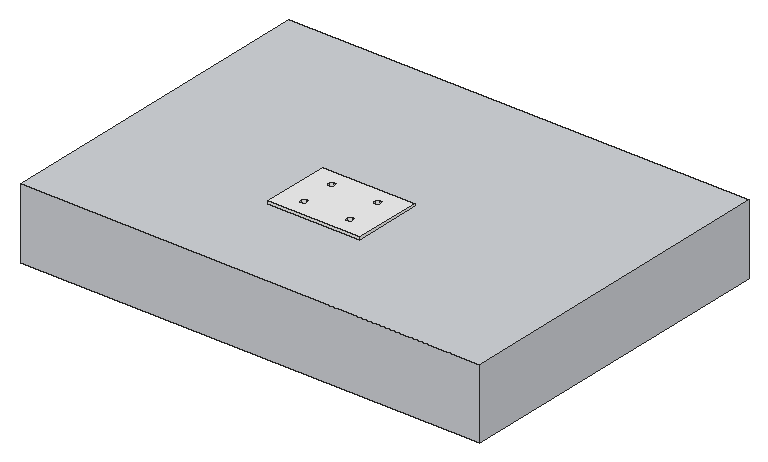
Revit family "M_Placa de base de coluna-4 furos", category Conexões estruturais, Revit 2019
Family settings
  Hospedeiro = Face
  Material para o comportamento do modelo = Outros
  Número OmniClass = 23.25.05.17.11
  Título OmniClass = Column Bases
  ID de item do Seek = Column Base Plate-4 Hole-0000-CAN-ENU
  Ativar corte em vistas = Não
  Corte com vazios quando carregada = Não
  Compartilhado = Não
Parameters (values of type "10mm")
  Largura [instance] = 300 mm
  Espessura = 10 mm
  Material da placa = Metal - Aço 345 MPa
  Comprimento [instance] = 400 mm
  Espaçamento vertical do furo [instance] = 150 mm
  Espaçamento horizontal do furo [instance] = 200 mm
  Raio do furo [instance] = Diâmetro do furo / 2  # 13.5 mm
  Diâmetro do furo [instance] = 27 mm
  Elevação-padrão = 1200 mm
Types (7, lengths in mm): name | Espessura
  (no name) | 10
  5mm | 5
  10mm | 10
  15mm | 15
  20mm | 20
  25mm | 25
  30mm | 30
Reference planes
  plane 1 "Centro (Frente/Trás)": y = 0
  plane 2: z = 0
  plane 3 "Centro (Esquerda/Direita)": x = 0
  plane 4: x = -200
  plane 5: x = 200
  plane 6: y = 150
  plane 7: y = -150
  plane 8: y = 75
  plane 9: y = -75
  plane 10: x = -100
  plane 11: x = 100
  plane 12: z = 10
  plane 13: x = -100
  plane 14: x = 100
  plane 15: y = 75
  plane 16: y = -75
Forms (mm)
  Extrusion 1, solid
    sketch origin (0, 0, 0) x (1, 0, 0) y (0, 1, 0)
      loop
        line (-939.8, 889) -> (-939.8, -567.933) -> (1059.399, -567.933) -> (1059.399, 889) -> (-939.8, 889)
    from 0 to -304.8
  Extrusion 2, solid, material "Metal - Aço 345 MPa" <- "Material da placa"
    sketch origin (0, 0, 0) x (1, 0, 0) y (0, 1, 0)
      loop
        line (-200, 150) -> (-200, -150) -> (200, -150) -> (200, 150) -> (-200, 150)
    from 0 to 10
  Extrusion 3, void
    sketch origin (0, 0, 0) x (1, 0, 0) y (0, 1, 0)
      loop
        circle (-100, 75) r 13.5
      loop
        circle (100, 75) r 13.5
      loop
        circle (-100, -75) r 13.5
      loop
        circle (100, -75) r 13.5
    from 0 to 10
Cuts and joins
  Extrusion 3 cuts Extrusion 2
Dimensions and locks
  "Comprimento": plane 4 to plane 5
  equal spacing: plane 4, plane 3 "Centro (Esquerda/Direita)", plane 5
  equal spacing: plane 7, plane 1 "Centro (Frente/Trás)", plane 6
  "Largura": plane 7 to plane 6
  equal spacing: plane 9, plane 1 "Centro (Frente/Trás)", plane 8
  "Espaçamento vertical do furo": plane 9 to plane 8
  equal spacing: plane 10, plane 3 "Centro (Esquerda/Direita)", plane 11
  "Espaçamento horizontal do furo": plane 10 to plane 11
  "Espessura": plane 12 to plane 2
  "Raio do furo": radius of Extrusion 3 sketch curve  (x4)
  aligned and locked: plane 2 to Extrusion 1
  aligned and locked: level to Extrusion 1
  aligned and locked: plane 4 to Extrusion 2 sketch curve
  aligned and locked: Extrusion 2 sketch curve to plane 6
  aligned and locked: plane 7 to Extrusion 2 sketch curve
  aligned and locked: plane 5 to Extrusion 2 sketch curve
  aligned and locked: plane 12 to Extrusion 2
  aligned and locked: Extrusion 2 to level
  aligned and locked: plane 10 to Extrusion 3 sketch curve  (x2)
  aligned and locked: plane 8 to Extrusion 3 sketch curve  (x2)
  aligned and locked: plane 9 to Extrusion 3 sketch curve  (x2)
  aligned and locked: plane 11 to Extrusion 3 sketch curve  (x2)
  aligned and locked: Extrusion 2 to Extrusion 3
  aligned and locked: Extrusion 3 to level
  aligned and locked: plane 10 to plane 13
  aligned and locked: plane 14 to plane 11
  aligned and locked: plane 8 to plane 15
  aligned and locked: plane 16 to plane 9
Automatic sketch dimensions
  Extrusion 1 sketch curve to Extrusion 1 sketch curve = 1999.199 mm
  Extrusion 1 sketch curve to Extrusion 1 sketch curve = 1456.933 mm
